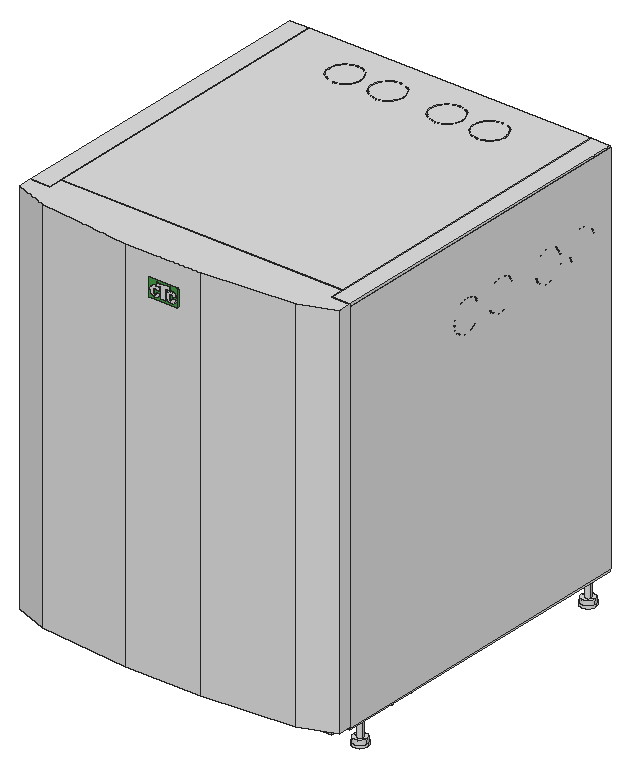
Revit family "HVAC_HeatPumpBW_Enertech_CTC-EcoPart-600M", category Specialty Equipment, Revit 2020 (continued)
Automatic sketch dimensions
  curve 42 to curve 43 = 0 mm  (x2)
  curve 42 to curve 44 = 0 mm  (x2)
  curve 42 to curve 45 = 0 mm  (x2)
  curve 42 to curve 46 = 0 mm  (x2)
  curve 42 to curve 47 = 0 mm  (x2)
  curve 43 to curve 44 = 0 mm  (x2)
  curve 43 to curve 45 = 0 mm  (x2)
  curve 43 to curve 46 = 0 mm  (x2)
  curve 43 to curve 47 = 0 mm  (x2)
  curve 44 to curve 45 = 0 mm  (x2)
  curve 44 to curve 46 = 0 mm  (x2)
  curve 44 to curve 47 = 0 mm  (x2)
  curve 45 to curve 46 = 0 mm  (x2)
  curve 45 to curve 47 = 0 mm  (x2)
  curve 46 to curve 47 = 0 mm  (x2)
  curve 56 to curve 57 = 0 mm  (x2)
  curve 56 to curve 58 = 0 mm  (x2)
  curve 56 to curve 59 = 0 mm  (x2)
  curve 56 to curve 60 = 0 mm  (x2)
  curve 56 to curve 61 = 0 mm  (x2)
  curve 56 to curve 62 = 0 mm  (x2)
  curve 56 to curve 63 = 0 mm  (x2)
  curve 57 to curve 58 = 0 mm  (x2)
  curve 57 to curve 59 = 0 mm  (x2)
  curve 57 to curve 60 = 0 mm  (x2)
  curve 57 to curve 61 = 0 mm  (x2)
  curve 57 to curve 62 = 0 mm  (x2)
  curve 57 to curve 63 = 0 mm  (x2)
  curve 58 to curve 59 = 0 mm  (x2)
  curve 58 to curve 60 = 0 mm  (x2)
  curve 58 to curve 61 = 0 mm  (x2)
  curve 58 to curve 62 = 0 mm  (x2)
  curve 58 to curve 63 = 0 mm  (x2)
  curve 59 to curve 60 = 0 mm  (x2)
  curve 59 to curve 61 = 0 mm  (x2)
  curve 59 to curve 62 = 0 mm  (x2)
  curve 59 to curve 63 = 0 mm  (x2)
  curve 60 to curve 61 = 0 mm  (x2)
  curve 60 to curve 62 = 0 mm  (x2)
  curve 60 to curve 63 = 0 mm  (x2)
  curve 61 to curve 62 = 0 mm  (x2)
  curve 61 to curve 63 = 0 mm  (x2)
  curve 62 to curve 63 = 0 mm  (x2)
  curve 72 to curve 73 = 0 mm  (x2)
  curve 72 to curve 74 = 0 mm  (x2)
  curve 72 to curve 75 = 0 mm  (x2)
  curve 72 to curve 76 = 0 mm  (x2)
  curve 72 to curve 77 = 0 mm  (x2)
  curve 72 to curve 78 = 0 mm  (x2)
  curve 72 to curve 79 = 0 mm  (x2)
  curve 73 to curve 74 = 0 mm  (x2)
  curve 73 to curve 75 = 0 mm  (x2)
  curve 73 to curve 76 = 0 mm  (x2)
  curve 73 to curve 77 = 0 mm  (x2)
  curve 73 to curve 78 = 0 mm  (x2)
  curve 73 to curve 79 = 0 mm  (x2)
  curve 74 to curve 75 = 0 mm  (x2)
  curve 74 to curve 76 = 0 mm  (x2)
  curve 74 to curve 77 = 0 mm  (x2)
  curve 74 to curve 78 = 0 mm  (x2)
  curve 74 to curve 79 = 0 mm  (x2)
  curve 75 to curve 76 = 0 mm  (x2)
  curve 75 to curve 77 = 0 mm  (x2)
  curve 75 to curve 78 = 0 mm  (x2)
  curve 75 to curve 79 = 0 mm  (x2)
  curve 76 to curve 77 = 0 mm  (x2)
  curve 76 to curve 78 = 0 mm  (x2)
  curve 76 to curve 79 = 0 mm  (x2)
  curve 77 to curve 78 = 0 mm  (x2)
  curve 77 to curve 79 = 0 mm  (x2)
  curve 78 to curve 79 = 0 mm  (x2)
  curve 314 to plane 7 = 0 mm
  curve 2 to plane 5 = 0 mm
  curve 6 to plane 5 = 0 mm
  curve 15 to plane 8 = 0 mm
  plane 7 to curve 2 = 3.5 mm
  curve 1 to curve 2 = 28 mm
  curve 17 to curve 17 = 35 mm
  plane 6 to curve 12 = 14.527 mm
  curve 17 to curve 12 = 26.736 mm
  curve 18 to curve 34 = 99.541 mm
  curve 35 to curve 30 = 0 mm
  curve 24 to curve 35 = 2.001 mm
  curve 34 to curve 25 = 0 mm
  curve 31 to curve 33 = 27.466 mm
  curve 35 to curve 36 = 27.466 mm
  curve 25 to curve 30 = 1 mm
  curve 33 to curve 32 = 2 mm
  curve 24 to curve 37 = 2 mm
  curve 24 to curve 38 = 28.466 mm
  curve 39 to curve 38 = 0 mm
  curve 29 to curve 39 = 2.001 mm
  curve 38 to curve 39 = 0 mm
  curve 39 to curve 50 = 19.066 mm
  curve 51 to curve 50 = 0 mm  (x2)
  curve 46 to curve 50 = 2.001 mm
  plane 6 to curve 12 = 0.5 mm
  curve 12 to plane 3 "Center (Left/Right)" = 57.083 mm
  curve 51 to curve 52 = 27.466 mm
  curve 47 to curve 49 = 27.466 mm
  curve 47 to curve 45 = 28.466 mm
  curve 46 to curve 48 = 2 mm
  curve 41 to curve 53 = 2 mm
  curve 54 to plane 3 "Center (Left/Right)" = 26.526 mm
  curve 55 to curve 54 = 0 mm
  curve 55 to curve 55 = 2.001 mm
  curve 54 to curve 44 = 0 mm
  plane 3 "Center (Left/Right)" to curve 86 = 24.525 mm
  curve 87 to curve 75 = 0 mm
  curve 75 to curve 86 = 2.001 mm
  curve 87 to curve 74 = 0 mm
  curve 86 to curve 85 = 27.466 mm
  curve 77 to curve 80 = 27.466 mm
  curve 77 to curve 73 = 28.466 mm
  curve 77 to curve 81 = 2 mm
  curve 74 to curve 84 = 2 mm
  plane 3 "Center (Left/Right)" to curve 13 = 57.083 mm
  curve 72 to curve 83 = 28.466 mm
  curve 82 to curve 73 = 0 mm
  curve 79 to curve 82 = 2.001 mm
  curve 83 to curve 78 = 0 mm
  curve 78 to curve 71 = 19.066 mm
  curve 70 to curve 71 = 0 mm
  curve 59 to curve 70 = 2.001 mm
  curve 71 to curve 70 = 0 mm
  curve 61 to curve 64 = 27.466 mm
  curve 58 to curve 69 = 27.466 mm
  curve 61 to curve 59 = 28.466 mm
  curve 58 to curve 68 = 2 mm
  curve 61 to curve 65 = 2 mm
  curve 56 to curve 66 = 28.466 mm
  curve 67 to curve 63 = 0 mm
  curve 57 to curve 67 = 2.001 mm
  curve 66 to curve 56 = 0 mm
  plane 6 to curve 14 = 14.527 mm
  curve 14 to plane 8 = 61.736 mm
  curve 21 to plane 8 = 35 mm
  curve 21 to curve 6 = 3.5 mm
  curve 7 to curve 7 = 3.5 mm
  plane 6 to curve 314 = 0.5 mm
  curve 312 to curve 14 = 38.564 mm
  curve 313 to curve 10 = 38.564 mm
  curve 10 to curve 18 = 24.922 mm
  curve 14 to curve 22 = 24.922 mm
  curve 80 to plane 5 = 109.917 mm
  curve 48 to curve 80 = 0 mm
  curve 76 to curve 81 = 0 mm
  curve 32 to curve 48 = 0 mm
  curve 33 to curve 28 = 0 mm
  curve 78 to curve 65 = 0 mm
  curve 64 to curve 65 = 0 mm
  curve 49 to curve 48 = 0 mm
  curve 46 to curve 49 = 2.001 mm
  curve 60 to curve 64 = 2.001 mm
  curve 78 to curve 81 = 2.001 mm
  curve 30 to curve 33 = 2.001 mm
  curve 87 to curve 86 = 2 mm
  curve 45 to curve 54 = 2 mm
  curve 71 to curve 70 = 2 mm
  curve 50 to curve 51 = 2 mm
  curve 79 to curve 83 = 2 mm
  curve 63 to curve 67 = 2 mm
  curve 39 to curve 38 = 2 mm
  curve 30 to curve 35 = 2 mm
  curve 10 to plane 5 = 4 mm
  curve 21 to curve 23 = 26 mm
  curve 208 to curve 212 = 0 mm  (x2)
  curve 214 to curve 215 = 0 mm  (x2)
  curve 217 to curve 218 = 0 mm  (x2)
  curve 221 to curve 222 = 0 mm  (x2)
  curve 227 to curve 231 = 0 mm  (x2)
  curve 233 to curve 234 = 0 mm  (x2)
  curve 236 to curve 237 = 0 mm  (x2)
  curve 240 to curve 241 = 0 mm  (x2)
  curve 248 to curve 249 = 0 mm  (x2)
  curve 248 to curve 250 = 0 mm  (x2)
  curve 248 to curve 251 = 0 mm  (x2)
  curve 248 to curve 252 = 0 mm  (x2)
  curve 248 to curve 253 = 0 mm  (x2)
  curve 248 to curve 254 = 0 mm  (x2)
  curve 248 to curve 255 = 0 mm  (x2)
  curve 249 to curve 250 = 0 mm  (x2)
  curve 249 to curve 251 = 0 mm  (x2)
  curve 249 to curve 252 = 0 mm  (x2)
  curve 249 to curve 253 = 0 mm  (x2)
  curve 249 to curve 254 = 0 mm  (x2)
  curve 249 to curve 255 = 0 mm  (x2)
  curve 250 to curve 251 = 0 mm  (x2)
  curve 250 to curve 252 = 0 mm  (x2)
  curve 250 to curve 253 = 0 mm  (x2)
  curve 250 to curve 254 = 0 mm  (x2)
  curve 250 to curve 255 = 0 mm  (x2)
  curve 251 to curve 252 = 0 mm  (x2)
  curve 251 to curve 253 = 0 mm  (x2)
  curve 251 to curve 254 = 0 mm  (x2)
  curve 251 to curve 255 = 0 mm  (x2)
  curve 252 to curve 253 = 0 mm  (x2)
  curve 252 to curve 254 = 0 mm  (x2)
  curve 252 to curve 255 = 0 mm  (x2)
  curve 253 to curve 254 = 0 mm  (x2)
  curve 253 to curve 255 = 0 mm  (x2)
  curve 254 to curve 255 = 0 mm  (x2)
  curve 264 to curve 265 = 0 mm  (x2)
  curve 264 to curve 266 = 0 mm  (x2)
  curve 264 to curve 267 = 0 mm  (x2)
  curve 264 to curve 268 = 0 mm  (x2)
  curve 264 to curve 269 = 0 mm  (x2)
  curve 264 to curve 270 = 0 mm  (x2)
  curve 264 to curve 271 = 0 mm  (x2)
  curve 265 to curve 266 = 0 mm  (x2)
  curve 265 to curve 267 = 0 mm  (x2)
  curve 265 to curve 268 = 0 mm  (x2)
  curve 265 to curve 269 = 0 mm  (x2)
  curve 265 to curve 270 = 0 mm  (x2)
  curve 265 to curve 271 = 0 mm  (x2)
  curve 266 to curve 267 = 0 mm  (x2)
  curve 266 to curve 268 = 0 mm  (x2)
  curve 266 to curve 269 = 0 mm  (x2)
  curve 266 to curve 270 = 0 mm  (x2)
  curve 266 to curve 271 = 0 mm  (x2)
  curve 267 to curve 268 = 0 mm  (x2)
  curve 267 to curve 269 = 0 mm  (x2)
  curve 267 to curve 270 = 0 mm  (x2)
  curve 267 to curve 271 = 0 mm  (x2)
  curve 268 to curve 269 = 0 mm  (x2)
  curve 268 to curve 270 = 0 mm  (x2)
  curve 268 to curve 271 = 0 mm  (x2)
  curve 269 to curve 270 = 0 mm  (x2)
  curve 269 to curve 271 = 0 mm  (x2)
  curve 270 to curve 271 = 0 mm  (x2)
  curve 280 to curve 281 = 0 mm  (x2)
  curve 280 to curve 282 = 0 mm  (x2)
  curve 280 to curve 283 = 0 mm  (x2)
  curve 280 to curve 284 = 0 mm  (x2)
  curve 280 to curve 285 = 0 mm  (x2)
  curve 280 to curve 286 = 0 mm  (x2)
  curve 280 to curve 287 = 0 mm  (x2)
  curve 281 to curve 282 = 0 mm  (x2)
  curve 281 to curve 283 = 0 mm  (x2)
  curve 281 to curve 284 = 0 mm  (x2)
  curve 281 to curve 285 = 0 mm  (x2)
  curve 281 to curve 286 = 0 mm  (x2)
  curve 281 to curve 287 = 0 mm  (x2)
  curve 282 to curve 283 = 0 mm  (x2)
  curve 282 to curve 284 = 0 mm  (x2)
  curve 282 to curve 285 = 0 mm  (x2)
  curve 282 to curve 286 = 0 mm  (x2)
  curve 282 to curve 287 = 0 mm  (x2)
  curve 283 to curve 284 = 0 mm  (x2)
  curve 283 to curve 285 = 0 mm  (x2)
  curve 283 to curve 286 = 0 mm  (x2)
  curve 283 to curve 287 = 0 mm  (x2)
  curve 284 to curve 285 = 0 mm  (x2)
  curve 284 to curve 286 = 0 mm  (x2)
  curve 284 to curve 287 = 0 mm  (x2)
  curve 285 to curve 286 = 0 mm  (x2)
  curve 285 to curve 287 = 0 mm  (x2)
  curve 286 to curve 287 = 0 mm  (x2)
  curve 296 to curve 297 = 0 mm  (x2)
  curve 296 to curve 298 = 0 mm  (x2)
  curve 296 to curve 299 = 0 mm  (x2)
  curve 296 to curve 300 = 0 mm  (x2)
  curve 296 to curve 301 = 0 mm  (x2)
  curve 296 to curve 302 = 0 mm  (x2)
  curve 296 to curve 303 = 0 mm  (x2)
  curve 297 to curve 298 = 0 mm  (x2)
  curve 297 to curve 299 = 0 mm  (x2)
  curve 297 to curve 300 = 0 mm  (x2)
  curve 297 to curve 301 = 0 mm  (x2)
  curve 297 to curve 302 = 0 mm  (x2)
  curve 297 to curve 303 = 0 mm  (x2)
  curve 298 to curve 299 = 0 mm  (x2)
  curve 298 to curve 300 = 0 mm  (x2)
  curve 298 to curve 301 = 0 mm  (x2)
  curve 298 to curve 302 = 0 mm  (x2)
  curve 298 to curve 303 = 0 mm  (x2)
  curve 299 to curve 300 = 0 mm  (x2)
  curve 299 to curve 301 = 0 mm  (x2)
  curve 299 to curve 302 = 0 mm  (x2)
  curve 299 to curve 303 = 0 mm  (x2)
  curve 300 to curve 301 = 0 mm  (x2)
  curve 300 to curve 302 = 0 mm  (x2)
  curve 300 to curve 303 = 0 mm  (x2)
  curve 301 to curve 302 = 0 mm  (x2)
  curve 301 to curve 303 = 0 mm  (x2)
  curve 302 to curve 303 = 0 mm  (x2)
  curve 316 to plane 4 = 0 mm
  curve 316 to level = 0 mm
  curve 181 to level = 0 mm
  curve 168 to level = 0 mm
  curve 193 to plane 5 = 0 mm
  curve 195 to plane 5 = 4 mm
  level to curve 166 = 4 mm
  curve 166 to plane 5 = 21.73 mm
  curve 164 to curve 166 = 2 mm
  curve 164 to curve 164 = 7.375 mm
  curve 258 to plane 5 = 40.049 mm
  curve 259 to curve 254 = 0 mm
  curve 175 to curve 162 = 10 mm
  curve 258 to curve 254 = 2.001 mm
  curve 259 to curve 255 = 0 mm
  curve 170 to curve 172 = 7.375 mm
  curve 169 to curve 170 = 2 mm
  curve 262 to curve 249 = 27.466 mm
  curve 256 to curve 258 = 27.466 mm
  curve 249 to curve 256 = 1 mm
  curve 263 to curve 248 = 2 mm
  curve 257 to curve 254 = 2 mm
  curve 260 to curve 248 = 28.466 mm
  curve 261 to curve 250 = 0 mm
  curve 260 to curve 250 = 2.001 mm
  curve 261 to curve 251 = 0 mm
  curve 275 to curve 260 = 19.066 mm
  curve 274 to curve 264 = 0 mm
  curve 275 to curve 264 = 2.001 mm
  curve 274 to curve 265 = 0 mm
  level to curve 242 = 24.995 mm
  curve 242 to curve 169 = 81.281 mm
  level to curve 243 = 26.409 mm
  curve 243 to curve 242 = 1.414 mm
  level to curve 242 = 16.828 mm
  level to curve 243 = 18.242 mm
  curve 241 to curve 240 = 1.414 mm
  level to curve 239 = 18.242 mm
  level to curve 238 = 16.828 mm
  curve 278 to curve 265 = 27.466 mm
  curve 272 to curve 271 = 27.466 mm
  curve 268 to curve 272 = 1 mm
  curve 273 to curve 270 = 2 mm
  curve 279 to curve 265 = 2 mm
  level to curve 239 = 26.828 mm
  curve 239 to curve 240 = 8.587 mm
  level to curve 238 = 25.414 mm
  curve 238 to curve 239 = 1.414 mm
  curve 235 to curve 238 = 1.414 mm
  curve 234 to curve 236 = 18.343 mm
  level to curve 226 = 25.414 mm
  curve 226 to curve 234 = 1.414 mm
  level to curve 232 = 26.828 mm
  curve 276 to curve 264 = 28.466 mm
  curve 277 to curve 276 = 0 mm
  curve 277 to curve 268 = 2.001 mm
  curve 276 to curve 277 = 0 mm
  level to curve 226 = 16.828 mm
  curve 226 to curve 234 = 8.587 mm
  level to curve 232 = 18.242 mm
  curve 232 to curve 226 = 1.414 mm
  curve 227 to curve 232 = 1.414 mm
  level to curve 230 = 18.242 mm
  level to curve 228 = 16.828 mm
  level to curve 230 = 26.409 mm
  curve 230 to curve 230 = 8.167 mm
  curve 290 to curve 269 = 49.049 mm
  curve 291 to curve 286 = 0 mm
  curve 290 to curve 286 = 2.001 mm
  curve 291 to curve 287 = 0 mm
  curve 288 to curve 287 = 27.466 mm
  curve 294 to curve 281 = 27.466 mm
  curve 286 to curve 288 = 1 mm
  curve 289 to curve 286 = 2 mm
  curve 295 to curve 294 = 2 mm
  curve 293 to curve 280 = 28.466 mm
  curve 292 to curve 284 = 0 mm
  curve 293 to curve 284 = 2.001 mm
  curve 292 to curve 285 = 0 mm
  curve 306 to curve 293 = 19.066 mm
  curve 307 to curve 302 = 0 mm
  curve 306 to curve 302 = 2.001 mm
  curve 307 to curve 303 = 0 mm
  plane 1 "Center (Front/Back)" to curve 304 = 3 mm
  plane 1 "Center (Front/Back)" to curve 310 = 3 mm
  plane 1 "Center (Front/Back)" to curve 297 = 4 mm
  curve 305 to curve 304 = 2 mm
  curve 311 to curve 310 = 2 mm
  curve 309 to curve 296 = 28.466 mm
  curve 308 to curve 309 = 0 mm
  curve 309 to curve 309 = 2.001 mm
  curve 308 to curve 301 = 0 mm
  plane 1 "Center (Front/Back)" to curve 225 = 75.261 mm
  level to curve 224 = 26.409 mm
  curve 224 to curve 223 = 1.414 mm
  level to curve 223 = 16.828 mm
  curve 223 to curve 223 = 8.167 mm
  level to curve 224 = 18.242 mm
  curve 221 to curve 221 = 1.414 mm
  level to curve 220 = 18.242 mm
  level to curve 219 = 16.828 mm
  level to curve 220 = 26.828 mm
  curve 220 to curve 220 = 8.587 mm
  level to curve 219 = 25.414 mm
  curve 219 to curve 217 = 1.414 mm
  curve 216 to curve 219 = 1.414 mm
  curve 214 to curve 217 = 18.343 mm
  level to curve 207 = 25.414 mm
  curve 207 to curve 215 = 1.414 mm
  level to curve 213 = 26.828 mm
  level to curve 207 = 16.828 mm
  curve 207 to curve 215 = 8.587 mm
  level to curve 213 = 18.242 mm
  curve 213 to curve 208 = 1.414 mm
  curve 212 to curve 213 = 1.414 mm
  level to curve 211 = 18.242 mm
  level to curve 209 = 16.828 mm
  level to curve 211 = 26.409 mm
  curve 211 to curve 211 = 8.167 mm
  curve 179 to curve 209 = 72.511 mm
  curve 177 to curve 178 = 2 mm
  curve 176 to curve 176 = 7.375 mm
  curve 184 to curve 174 = 10 mm
  curve 184 to curve 184 = 7.375 mm
  curve 180 to curve 182 = 2 mm
  curve 188 to curve 204 = 39.375 mm
  plane 6 to curve 190 = 0.5 mm
  curve 180 to curve 182 = 4 mm
  curve 177 to curve 176 = 8 mm
  curve 165 to curve 162 = 8 mm
  curve 240 to curve 241 = 1.414 mm
  curve 232 to curve 227 = 1.414 mm
  curve 213 to curve 212 = 1.414 mm
  curve 220 to curve 221 = 1.414 mm
  curve 218 to curve 218 = 1.414 mm
  level to curve 186 = 28 mm
  curve 164 to curve 195 = 16 mm
  level to curve 189 = 52.5 mm
  curve 273 to plane 4 = 167.467 mm
  curve 305 to plane 4 = 167.467 mm
  curve 305 to curve 304 = 0 mm
  curve 273 to curve 256 = 0 mm
  curve 273 to curve 272 = 0 mm
  curve 257 to curve 254 = 0 mm
  curve 302 to curve 289 = 0 mm
  curve 289 to curve 288 = 0 mm
  curve 273 to curve 273 = 2.001 mm
  curve 288 to curve 288 = 2.001 mm
  curve 257 to curve 257 = 2.001 mm
  curve 304 to curve 304 = 2.001 mm
  curve 255 to curve 259 = 2 mm
  curve 302 to curve 307 = 2 mm
  curve 301 to curve 308 = 2 mm
  curve 277 to curve 276 = 2 mm
  curve 270 to curve 275 = 2 mm
  curve 253 to curve 260 = 2 mm
  curve 284 to curve 292 = 2 mm
  curve 287 to curve 291 = 2 mm
  curve 194 to curve 190 = 47 mm
  curve 193 to plane 4 = 19 mm
  curve 315 to plane 5 = 4 mm
  curve 246 to curve 187 = 24.922 mm
  curve 188 to curve 247 = 13.835 mm
  curve 162 to curve 199 = 19.518 mm
  curve 128 to plane 7 = 0 mm
  curve 95 to level = 0 mm
  curve 127 to plane 4 = 0 mm
  curve 115 to level = 0 mm
  curve 123 to plane 8 = 0 mm
  plane 7 to curve 95 = 6.125 mm
  plane 7 to curve 92 = 8.125 mm
  curve 89 to curve 91 = 15.5 mm
  curve 90 to curve 101 = 10 mm
  level to curve 99 = 4 mm
  curve 100 to curve 99 = 7.375 mm
  curve 98 to curve 98 = 2 mm
  curve 99 to curve 104 = 4.125 mm
  curve 103 to curve 104 = 7.5 mm
  curve 135 to plane 3 "Center (Left/Right)" = 27.5 mm
  curve 135 to curve 136 = 2 mm
  curve 134 to curve 134 = 2 mm
  curve 139 to plane 3 "Center (Left/Right)" = 11.835 mm
  curve 139 to curve 142 = 0.137 mm
  curve 138 to curve 140 = 0.268 mm
  curve 139 to plane 3 "Center (Left/Right)" = 5.46 mm
  curve 137 to curve 140 = 0.087 mm
  curve 147 to plane 3 "Center (Left/Right)" = 3.818 mm
  curve 148 to plane 3 "Center (Left/Right)" = 3.81 mm
  plane 3 "Center (Left/Right)" to curve 146 = 3.815 mm
  curve 145 to curve 144 = 7.883 mm
  curve 144 to curve 151 = 6.467 mm
  curve 150 to curve 152 = 0.268 mm
  curve 150 to curve 151 = 6.375 mm
  curve 149 to curve 152 = 0.087 mm
  curve 152 to curve 132 = 0.873 mm
  curve 143 to curve 129 = 13.802 mm
  curve 130 to curve 131 = 2 mm
  level to curve 106 = 15.656 mm
  curve 106 to plane 8 = 44.5 mm
  curve 107 to curve 109 = 7.5 mm
  curve 106 to curve 115 = 9.625 mm
  curve 114 to curve 158 = 2 mm
  curve 109 to curve 110 = 11.5 mm
  curve 110 to curve 156 = 10 mm
  level to curve 118 = 4 mm
  curve 118 to plane 8 = 8.125 mm
  curve 118 to curve 117 = 2 mm
  curve 93 to curve 154 = 8 mm
  curve 118 to curve 121 = 8 mm
  curve 105 to curve 159 = 12.344 mm
  curve 103 to curve 102 = 19.518 mm
  curve 108 to curve 121 = 19.518 mm
  curve 133 to plane 4 = 73.482 mm
  curve 134 to curve 147 = 1.88 mm
  curve 147 to curve 140 = 7.647 mm
  curve 132 to curve 152 = 9.527 mm
  curve 137 to curve 139 = 4.452 mm
  curve 149 to curve 151 = 4.452 mm
  curve 139 to curve 141 = 7.839 mm
  curve 141 to curve 147 = 0.008 mm
  curve 141 to curve 145 = 0.006 mm
  curve 145 to curve 144 = 0.006 mm
  curve 141 to curve 143 = 5.341 mm
  curve 142 to curve 136 = 1.841 mm
  curve 102 to curve 127 = 27.22 mm
  curve 126 to plane 3 "Center (Left/Right)" = 70 mm
  curve 138 to curve 140 = 3.241 mm
  curve 138 to curve 137 = 0.004 mm
  curve 150 to curve 152 = 3.241 mm
  curve 150 to curve 149 = 0.004 mm
  curve 130 to curve 125 = 42.5 mm
  curve 124 to plane 8 = 64.22 mm
  curve 161 to curve 107 = 3.005 mm
  curve 161 to curve 160 = 1.414 mm
  curve 102 to curve 127 = 5 mm
  curve 149 to curve 152 = 7.6 mm
  curve 137 to curve 140 = 7.6 mm
  curve 137 to curve 138 = 3.801 mm
  curve 149 to curve 150 = 3.801 mm
  plane 7 to Extrusion 1 sketch curve = 2 mm
  Extrusion 1 sketch curve to Extrusion 1 sketch curve = 35 mm
  plane 6 to Extrusion 1 sketch curve = 14.335 mm  (x2)
  Extrusion 1 sketch curve to Extrusion 1 sketch curve = 27.22 mm
  plane 6 to Extrusion 1 sketch curve = 1.5 mm
  Extrusion 1 sketch curve to plane 3 "Center (Left/Right)" = 70 mm
  plane 3 "Center (Left/Right)" to Extrusion 1 sketch curve = 70 mm
  Extrusion 1 sketch curve to plane 8 = 64.22 mm
  Extrusion 1 sketch curve to plane 8 = 37 mm
  Extrusion 1 sketch curve to plane 8 = 2 mm
  plane 6 to Extrusion 1 sketch curve = 39.064 mm  (x2)
  Extrusion 1 sketch curve to Extrusion 1 sketch curve = 24.922 mm  (x2)
  Extrusion 1 sketch curve to Extrusion 1 sketch curve = 26 mm
  plane 7 to Extrusion 2 sketch curve = 37 mm
  Extrusion 2 sketch curve to Extrusion 2 sketch curve = 2 mm  (x4)
  Extrusion 2 sketch curve to plane 5 = 6 mm
  Extrusion 2 sketch curve to plane 8 = 39 mm
  plane 6 to Extrusion 2 sketch curve = 91.986 mm
  plane 7 to Extrusion 3 sketch curve = 37 mm
  Extrusion 3 sketch curve to plane 8 = 37 mm
  plane 6 to Extrusion 3 sketch curve = 89.986 mm
  Extrusion 3 sketch curve to plane 5 = 4 mm
  Extrusion 4 sketch curve to plane 7 = 0 mm
  Extrusion 4 sketch curve to plane 8 = 0 mm
  plane 7 to Extrusion 4 sketch curve = 2 mm
  Extrusion 4 sketch curve to Extrusion 4 sketch curve = 31 mm
  Extrusion 4 sketch curve to Extrusion 4 sketch curve = 2 mm  (x6)
  Extrusion 4 sketch curve to Extrusion 4 sketch curve = 35 mm
  Extrusion 4 sketch curve to plane 8 = 2 mm
  plane 6 to Extrusion 4 sketch curve = 63.986 mm  (x2)
  Extrusion 4 sketch curve to plane 5 = 6 mm  (x2)
  plane 7 to Extrusion 5 sketch curve = 2 mm
  Extrusion 5 sketch curve to plane 5 = 4 mm  (x2)
  Extrusion 5 sketch curve to Extrusion 5 sketch curve = 35 mm
  Extrusion 5 sketch curve to plane 8 = 37 mm
  Extrusion 5 sketch curve to plane 8 = 2 mm
  plane 6 to Extrusion 5 sketch curve = 63.986 mm  (x2)
  plane 7 to Extrusion 6 sketch curve = 2 mm
  plane 7 to Extrusion 6 sketch curve = 37 mm
  Extrusion 6 sketch curve to plane 8 = 37 mm
  Extrusion 6 sketch curve to plane 8 = 2 mm
  level to Extrusion 6 sketch curve = 28 mm
  Extrusion 6 sketch curve to Extrusion 6 sketch curve = 19.518 mm  (x2)
  Extrusion 6 sketch curve to Extrusion 6 sketch curve = 5 mm
  Extrusion 7 sketch curve to Extrusion 7 sketch curve = 0 mm  (x246)
  plane 7 to Extrusion 7 sketch curve = 134.541 mm
  Extrusion 7 sketch curve to Extrusion 7 sketch curve = 2.001 mm  (x12)
  Extrusion 7 sketch curve to Extrusion 7 sketch curve = 27.466 mm  (x8)
  Extrusion 7 sketch curve to Extrusion 7 sketch curve = 28.466 mm  (x5)
  Extrusion 7 sketch curve to Extrusion 7 sketch curve = 2 mm  (x16)
  Extrusion 7 sketch curve to Extrusion 7 sketch curve = 19.066 mm  (x2)
  Extrusion 7 sketch curve to plane 3 "Center (Left/Right)" = 26.526 mm
  plane 3 "Center (Left/Right)" to Extrusion 7 sketch curve = 24.525 mm
  Extrusion 7 sketch curve to Extrusion 7 sketch curve = 1 mm  (x2)
  Extrusion 7 sketch curve to plane 5 = 109.917 mm  (x2)
  Extrusion 8 sketch curve to Extrusion 8 sketch curve = 0 mm  (x246)
  plane 1 "Center (Front/Back)" to Extrusion 8 sketch curve = 34.467 mm
  Extrusion 8 sketch curve to Extrusion 8 sketch curve = 2.001 mm  (x12)
  plane 1 "Center (Front/Back)" to Extrusion 8 sketch curve = 5 mm  (x2)
  plane 1 "Center (Front/Back)" to Extrusion 8 sketch curve = 4 mm
  Extrusion 8 sketch curve to Extrusion 8 sketch curve = 2 mm  (x16)
  Extrusion 8 sketch curve to plane 1 "Center (Front/Back)" = 24.466 mm
  Extrusion 8 sketch curve to Extrusion 8 sketch curve = 19.066 mm  (x2)
  Extrusion 8 sketch curve to Extrusion 8 sketch curve = 27.466 mm  (x6)
  Extrusion 8 sketch curve to Extrusion 8 sketch curve = 1 mm
  Extrusion 8 sketch curve to Extrusion 8 sketch curve = 28.466 mm  (x5)
  Extrusion 8 sketch curve to Extrusion 8 sketch curve = 49.049 mm
  Extrusion 8 sketch curve to plane 4 = 167.467 mm  (x2)
  Extrusion 9 sketch curve to Extrusion 9 sketch curve = 0 mm  (x246)
  plane 7 to Extrusion 9 sketch curve = 134.533 mm
  Extrusion 9 sketch curve to Extrusion 9 sketch curve = 2.001 mm  (x12)
  Extrusion 9 sketch curve to Extrusion 9 sketch curve = 27.466 mm  (x8)
  Extrusion 9 sketch curve to Extrusion 9 sketch curve = 1 mm  (x2)
  Extrusion 9 sketch curve to Extrusion 9 sketch curve = 2 mm  (x16)
  Extrusion 9 sketch curve to Extrusion 9 sketch curve = 28.466 mm  (x5)
  Extrusion 9 sketch curve to Extrusion 9 sketch curve = 19.066 mm  (x2)
  Extrusion 9 sketch curve to plane 3 "Center (Left/Right)" = 26.534 mm
  plane 3 "Center (Left/Right)" to Extrusion 9 sketch curve = 24.516 mm
  Extrusion 9 sketch curve to plane 4 = 167.767 mm  (x2)
  Extrusion 10 sketch curve to Extrusion 10 sketch curve = 0 mm  (x4)
  plane 7 to Extrusion 10 sketch curve = 17.5 mm
  Extrusion 10 sketch curve to plane 8 = 17.5 mm
  Extrusion 10 sketch curve to plane 4 = 33 mm  (x2)
  Extrusion 11 sketch curve to Extrusion 11 sketch curve = 0 mm  (x16)
  level to Extrusion 11 sketch curve = 24.995 mm  (x2)
  plane 1 "Center (Front/Back)" to Extrusion 11 sketch curve = 141.253 mm
  level to Extrusion 11 sketch curve = 26.409 mm  (x4)
  Extrusion 11 sketch curve to Extrusion 11 sketch curve = 1.414 mm  (x20)
  level to Extrusion 11 sketch curve = 16.828 mm  (x8)
  level to Extrusion 11 sketch curve = 18.242 mm  (x8)
  level to Extrusion 11 sketch curve = 26.828 mm  (x4)
  Extrusion 11 sketch curve to Extrusion 11 sketch curve = 8.587 mm  (x4)
  level to Extrusion 11 sketch curve = 25.414 mm  (x4)
  Extrusion 11 sketch curve to Extrusion 11 sketch curve = 18.343 mm  (x2)
  Extrusion 11 sketch curve to Extrusion 11 sketch curve = 8.167 mm  (x2)
  Extrusion 11 sketch curve to plane 1 "Center (Front/Back)" = 138.747 mm
  Revolve 12 sketch curve to level = 0 mm  (x2)
  plane 7 to Revolve 12 sketch curve = 18.5 mm
  Revolve 12 sketch curve to Revolve 12 sketch curve = 12.375 mm
  Revolve 12 sketch curve to Revolve 12 sketch curve = 2 mm
  Revolve 12 sketch curve to Revolve 12 sketch curve = 4 mm
  Revolve 12 sketch curve to Revolve 12 sketch curve = 8 mm
  Revolve 12 sketch curve to Revolve 12 sketch curve = 0 mm  (x2)
  Revolve 13 sketch curve to level = 0 mm  (x2)
  plane 8 to Revolve 13 sketch curve = 18.5 mm
  Revolve 13 sketch curve to Revolve 13 sketch curve = 12.375 mm
  Revolve 13 sketch curve to Revolve 13 sketch curve = 2 mm
  Revolve 13 sketch curve to Revolve 13 sketch curve = 4 mm
  Revolve 13 sketch curve to Revolve 13 sketch curve = 8 mm
  Revolve 13 sketch curve to Revolve 13 sketch curve = 0 mm  (x2)
  Revolve 14 sketch curve to level = 0 mm  (x2)
  plane 7 to Revolve 14 sketch curve = 18.5 mm
  Revolve 14 sketch curve to Revolve 14 sketch curve = 12.375 mm
  Revolve 14 sketch curve to Revolve 14 sketch curve = 2 mm
  Revolve 14 sketch curve to Revolve 14 sketch curve = 4 mm
  Revolve 14 sketch curve to Revolve 14 sketch curve = 8 mm
  Revolve 14 sketch curve to Revolve 14 sketch curve = 0 mm  (x2)
  Revolve 15 sketch curve to level = 0 mm  (x2)
  plane 8 to Revolve 15 sketch curve = 18.5 mm
  Revolve 15 sketch curve to Revolve 15 sketch curve = 12.375 mm
  Revolve 15 sketch curve to Revolve 15 sketch curve = 2 mm
  Revolve 15 sketch curve to Revolve 15 sketch curve = 4 mm
  Revolve 15 sketch curve to Revolve 15 sketch curve = 8 mm
  Revolve 15 sketch curve to Revolve 15 sketch curve = 0 mm  (x2)
  plane 7 to Extrusion 16 sketch curve = 18.5 mm  (x2)
  Extrusion 16 sketch curve to plane 8 = 18.5 mm  (x2)
  plane 6 to Extrusion 16 sketch curve = 108.361 mm  (x2)
  Extrusion 16 sketch curve to plane 5 = 32.605 mm  (x2)
  Extrusion 17 sketch curve to plane 3 "Center (Left/Right)" = 27.5 mm
  Extrusion 17 sketch curve to Extrusion 17 sketch curve = 2 mm  (x3)
  plane 3 "Center (Left/Right)" to Extrusion 17 sketch curve = 25.5 mm  (x2)
  Extrusion 17 sketch curve to plane 4 = 73.482 mm
  Extrusion 17 sketch curve to Extrusion 17 sketch curve = 29 mm
  Extrusion 18 sketch curve to plane 3 "Center (Left/Right)" = 11.835 mm
  Extrusion 18 sketch curve to Extrusion 18 sketch curve = 0.137 mm
  Extrusion 18 sketch curve to Extrusion 18 sketch curve = 0.268 mm  (x2)
  Extrusion 18 sketch curve to plane 3 "Center (Left/Right)" = 5.46 mm
  Extrusion 18 sketch curve to Extrusion 18 sketch curve = 0.087 mm  (x2)
  Extrusion 18 sketch curve to plane 3 "Center (Left/Right)" = 3.818 mm
  Extrusion 18 sketch curve to plane 3 "Center (Left/Right)" = 3.81 mm
  plane 3 "Center (Left/Right)" to Extrusion 18 sketch curve = 3.815 mm
  Extrusion 18 sketch curve to Extrusion 18 sketch curve = 7.883 mm
  Extrusion 18 sketch curve to Extrusion 18 sketch curve = 6.467 mm
  Extrusion 18 sketch curve to Extrusion 18 sketch curve = 6.375 mm
  Extrusion 18 sketch curve to plane 4 = 69.602 mm
  Extrusion 18 sketch curve to Extrusion 18 sketch curve = 7.647 mm  (x2)
  Extrusion 18 sketch curve to Extrusion 18 sketch curve = 4.452 mm  (x2)
  Extrusion 18 sketch curve to Extrusion 18 sketch curve = 7.839 mm
  Extrusion 18 sketch curve to Extrusion 18 sketch curve = 0.008 mm
  Extrusion 18 sketch curve to Extrusion 18 sketch curve = 0.006 mm  (x2)
  Extrusion 18 sketch curve to Extrusion 18 sketch curve = 5.32 mm
  Extrusion 18 sketch curve to Extrusion 18 sketch curve = 2.969 mm
  Extrusion 18 sketch curve to Extrusion 18 sketch curve = 0.004 mm  (x2)
  Extrusion 18 sketch curve to Extrusion 18 sketch curve = 3.241 mm
  Extrusion 18 sketch curve to Extrusion 18 sketch curve = 7.6 mm  (x2)
  Extrusion 18 sketch curve to Extrusion 18 sketch curve = 3.801 mm  (x2)
  Extrusion 19 sketch curve to plane 5 = 0 mm
  Extrusion 19 sketch curve to plane 7 = 0 mm
  Extrusion 19 sketch curve to plane 8 = 0 mm
  plane 6 to Extrusion 19 sketch curve = 0.5 mm
  Extrusion 20 sketch curve to plane 3 "Center (Left/Right)" = 134.992 mm
  Extrusion 20 sketch curve to plane 3 "Center (Left/Right)" = 54.992 mm
  plane 3 "Center (Left/Right)" to Extrusion 20 sketch curve = 54.992 mm
  Extrusion 20 sketch curve to Extrusion 20 sketch curve = 80 mm
  Extrusion 20 sketch curve to plane 5 = 79.45 mm  (x4)
  Extrusion 21 sketch curve to plane 3 "Center (Left/Right)" = 135 mm
  Extrusion 21 sketch curve to plane 3 "Center (Left/Right)" = 55 mm
  plane 3 "Center (Left/Right)" to Extrusion 21 sketch curve = 54.984 mm
  Extrusion 21 sketch curve to Extrusion 21 sketch curve = 80 mm
  Extrusion 21 sketch curve to plane 4 = 137.3 mm
  Extrusion 21 sketch curve to Extrusion 21 sketch curve = 0 mm  (x3)
  plane 1 "Center (Front/Back)" to Extrusion 22 sketch curve = 4 mm
  Extrusion 22 sketch curve to plane 1 "Center (Front/Back)" = 76 mm
  Extrusion 22 sketch curve to Extrusion 22 sketch curve = 109.984 mm
  Extrusion 22 sketch curve to plane 5 = 70.516 mm
  Extrusion 22 sketch curve to plane 4 = 137 mm
  Extrusion 22 sketch curve to Extrusion 22 sketch curve = 0 mm  (x3)
  plane 1 "Center (Front/Back)" to Extrusion 23 sketch curve = 4 mm
  Extrusion 23 sketch curve to plane 1 "Center (Front/Back)" = 76 mm
  Extrusion 23 sketch curve to Extrusion 23 sketch curve = 109.984 mm
  Extrusion 23 sketch curve to plane 5 = 70.516 mm
  Extrusion 23 sketch curve to plane 4 = 137 mm
  Extrusion 23 sketch curve to Extrusion 23 sketch curve = 0 mm  (x3)
  radius of Extrusion 10 sketch curve = 14 mm  (x2)
  radius of Extrusion 10 sketch curve = 12.4 mm  (x2)
  radius of Extrusion 16 sketch curve = 5 mm  (x4)
  radius of Extrusion 20 sketch curve = 28.484 mm  (x4)
  radius of Extrusion 21 sketch curve = 28.484 mm  (x4)
  radius of Extrusion 22 sketch curve = 28.484 mm  (x4)
  radius of Extrusion 23 sketch curve = 28.484 mm  (x4)
Connectors
  electrical at (-282.5, 336.5, 727), driven by "NumberOfPoles"
    settings: on Extrusion 10, index 1, voltage 0 V, apparent load 0 VA, apparent load phase1 0 VA, apparent load phase2 0 VA, apparent load phase3 0 VA, power factor 1, load classification "Other", number of poles 3, system type 31, power factor state 1, is connector primary yes, connector utility no, sub classification motor no, connector description ""
  piping at (-134.992, 257.05, 757), diameter 28
    settings: on Extrusion 20, index 2, connector inside diameter 609.6 mm, connector length 0 mm, flow factor 0, pipe flow 0.0 L/s, pressure drop 0.0 Pa, fitting loss kfactor 0, connector angle 0.00°, fixture units 0, engagement length 0 mm, angle of deflection 0.00°, flow configuration 0, flow direction 1, fitting loss method 0, system type 19, joint type 0, gender type 0, connector reference index -1, connector utility 0, adjustable connector no, is connector primary yes, connector description ""
  piping at (-54.992, 257.05, 757), diameter 28
    settings: on Extrusion 20, index 3, connector inside diameter 609.6 mm, connector length 0 mm, flow factor 0, pipe flow 0.0 L/s, pressure drop 0.0 Pa, fitting loss kfactor 0, connector angle 0.00°, fixture units 0, engagement length 0 mm, angle of deflection 0.00°, flow configuration 0, flow direction 2, fitting loss method 0, system type 19, joint type 0, gender type 0, connector reference index -1, connector utility 0, adjustable connector no, is connector primary no, connector description ""
  piping at (54.992, 257.05, 757), diameter 28
    settings: on Extrusion 20, index 4, connector inside diameter 609.6 mm, connector length 0 mm, flow factor 0, pipe flow 0.0 L/s, pressure drop 0.0 Pa, fitting loss kfactor 0, connector angle 0.00°, fixture units 0, engagement length 0 mm, angle of deflection 0.00°, flow configuration 0, flow direction 2, fitting loss method 0, system type 22, joint type 0, gender type 0, connector reference index -1, connector utility 0, adjustable connector no, is connector primary no, connector description ""
  piping at (134.992, 257.05, 757), diameter 28
    settings: on Extrusion 20, index 5, connector inside diameter 609.6 mm, connector length 0 mm, flow factor 0, pipe flow 0.0 L/s, pressure drop 0.0 Pa, fitting loss kfactor 0, connector angle 0.00°, fixture units 0, engagement length 0 mm, angle of deflection 0.00°, flow configuration 0, flow direction 1, fitting loss method 0, system type 22, joint type 0, gender type 0, connector reference index -1, connector utility 0, adjustable connector no, is connector primary no, connector description ""
  piping at (134.984, 330.5, 622.7), diameter 28
    settings: on Extrusion 21, index 6, connector inside diameter 609.6 mm, connector length 0 mm, flow factor 0, pipe flow 0.0 L/s, pressure drop 0.0 Pa, fitting loss kfactor 0, connector angle 0.00°, fixture units 0, engagement length 0 mm, angle of deflection 0.00°, flow configuration 0, flow direction 1, fitting loss method 0, system type 22, joint type 0, gender type 0, connector reference index -1, connector utility 0, adjustable connector no, is connector primary no, connector description ""
  piping at (54.984, 330.5, 622.7), diameter 28
    settings: on Extrusion 21, index 7, connector inside diameter 609.6 mm, connector length 0 mm, flow factor 0, pipe flow 0.0 L/s, pressure drop 0.0 Pa, fitting loss kfactor 0, connector angle 0.00°, fixture units 0, engagement length 0 mm, angle of deflection 0.00°, flow configuration 0, flow direction 2, fitting loss method 0, system type 22, joint type 0, gender type 0, connector reference index -1, connector utility 0, adjustable connector no, is connector primary no, connector description ""
  piping at (-55, 330.5, 622.7), diameter 28
    settings: on Extrusion 21, index 8, connector inside diameter 609.6 mm, connector length 0 mm, flow factor 0, pipe flow 0.0 L/s, pressure drop 0.0 Pa, fitting loss kfactor 0, connector angle 0.00°, fixture units 0, engagement length 0 mm, angle of deflection 0.00°, flow configuration 0, flow direction 2, fitting loss method 0, system type 19, joint type 0, gender type 0, connector reference index -1, connector utility 0, adjustable connector no, is connector primary no, connector description ""
  piping at (-135, 330.5, 622.7), diameter 28
    settings: on Extrusion 21, index 9, connector inside diameter 609.6 mm, connector length 0 mm, flow factor 0, pipe flow 0.0 L/s, pressure drop 0.0 Pa, fitting loss kfactor 0, connector angle 0.00°, fixture units 0, engagement length 0 mm, angle of deflection 0.00°, flow configuration 0, flow direction 1, fitting loss method 0, system type 19, joint type 0, gender type 0, connector reference index -1, connector utility 0, adjustable connector no, is connector primary no, connector description ""
  piping at (-298, 265.984, 623), diameter 28
    settings: on Extrusion 22, index 10, connector inside diameter 609.6 mm, connector length 0 mm, flow factor 0, pipe flow 0.0 L/s, pressure drop 0.0 Pa, fitting loss kfactor 0, connector angle 0.00°, fixture units 0, engagement length 0 mm, angle of deflection 0.00°, flow configuration 0, flow direction 1, fitting loss method 0, system type 19, joint type 0, gender type 0, connector reference index -1, connector utility 0, adjustable connector no, is connector primary no, connector description ""
  piping at (-298, 185.984, 623), diameter 28
    settings: on Extrusion 22, index 11, connector inside diameter 609.6 mm, connector length 0 mm, flow factor 0, pipe flow 0.0 L/s, pressure drop 0.0 Pa, fitting loss kfactor 0, connector angle 0.00°, fixture units 0, engagement length 0 mm, angle of deflection 0.00°, flow configuration 0, flow direction 2, fitting loss method 0, system type 19, joint type 0, gender type 0, connector reference index -1, connector utility 0, adjustable connector no, is connector primary no, connector description ""
  piping at (-298, 76, 623), diameter 28
    settings: on Extrusion 22, index 12, connector inside diameter 609.6 mm, connector length 0 mm, flow factor 0, pipe flow 0.0 L/s, pressure drop 0.0 Pa, fitting loss kfactor 0, connector angle 0.00°, fixture units 0, engagement length 0 mm, angle of deflection 0.00°, flow configuration 0, flow direction 2, fitting loss method 0, system type 22, joint type 0, gender type 0, connector reference index -1, connector utility 0, adjustable connector no, is connector primary no, connector description ""
  piping at (-298, -4, 623), diameter 28
    settings: on Extrusion 22, index 13, connector inside diameter 609.6 mm, connector length 0 mm, flow factor 0, pipe flow 0.0 L/s, pressure drop 0.0 Pa, fitting loss kfactor 0, connector angle 0.00°, fixture units 0, engagement length 0 mm, angle of deflection 0.00°, flow configuration 0, flow direction 1, fitting loss method 0, system type 22, joint type 0, gender type 0, connector reference index -1, connector utility 0, adjustable connector no, is connector primary no, connector description ""
  piping at (298, -4, 623), diameter 28
    settings: on Extrusion 23, index 14, connector inside diameter 609.6 mm, connector length 0 mm, flow factor 0, pipe flow 0.0 L/s, pressure drop 0.0 Pa, fitting loss kfactor 0, connector angle 0.00°, fixture units 0, engagement length 0 mm, angle of deflection 0.00°, flow configuration 0, flow direction 1, fitting loss method 0, system type 22, joint type 0, gender type 0, connector reference index -1, connector utility 0, adjustable connector no, is connector primary no, connector description ""
  piping at (298, 76, 623), diameter 28
    settings: on Extrusion 23, index 15, connector inside diameter 609.6 mm, connector length 0 mm, flow factor 0, pipe flow 0.0 L/s, pressure drop 0.0 Pa, fitting loss kfactor 0, connector angle 0.00°, fixture units 0, engagement length 0 mm, angle of deflection 0.00°, flow configuration 0, flow direction 2, fitting loss method 0, system type 22, joint type 0, gender type 0, connector reference index -1, connector utility 0, adjustable connector no, is connector primary no, connector description ""
  piping at (298, 185.984, 623), diameter 28
    settings: on Extrusion 23, index 16, connector inside diameter 609.6 mm, connector length 0 mm, flow factor 0, pipe flow 0.0 L/s, pressure drop 0.0 Pa, fitting loss kfactor 0, connector angle 0.00°, fixture units 0, engagement length 0 mm, angle of deflection 0.00°, flow configuration 0, flow direction 2, fitting loss method 0, system type 19, joint type 0, gender type 0, connector reference index -1, connector utility 0, adjustable connector no, is connector primary no, connector description ""
  piping at (298, 265.984, 623), diameter 28
    settings: on Extrusion 23, index 17, connector inside diameter 609.6 mm, connector length 0 mm, flow factor 0, pipe flow 0.0 L/s, pressure drop 0.0 Pa, fitting loss kfactor 0, connector angle 0.00°, fixture units 0, engagement length 0 mm, angle of deflection 0.00°, flow configuration 0, flow direction 1, fitting loss method 0, system type 19, joint type 0, gender type 0, connector reference index -1, connector utility 0, adjustable connector no, is connector primary no, connector description ""
Types (2, lengths in mm): name | Weight | SpecifiedOutput_min: W35 & B 5 | SpecifiedOutput_min: W35 & B 10 | SpecifiedOutput_min: W35 & B 0 | SpecifiedOutput_max: W35 & B 5 | SpecifiedOutput_max: W35 & B 10 | SpecifiedOutput_max: W35 & B 0 | SoundPowerLWA | Sound pressureLPA 1m | SCOPWarm W55 | SCOPModerate W55 | SCOPModerate W35 | SCOPCold W55 | RefrigerantQuantity | RatedHeatOutputWarm Pdesigh W55 | RatedHeatOutputWarm Pdesigh W35 | RatedHeatOutputModerate Pdesigh W55 | RatedHeatOutputModerate Pdesigh W35 | RatedHeatOutputCold Pdesigh W55 | RatedHeatOutputCold Pdesigh W35 | RatedCurrent | ModelNumber | MaxStartingCurrent | Model | InPutPower_min: W35 & B 5 | InPutPower_min: W35 & B 10 | InPutPower_min: W35 & B 0 | InPutPower_max: W35 & B 5 | InPutPower_max: W35 & B 10 | InPutPower_max: W35 & B 0 | GroupFuse | EANNumber | COP_min: W35 & B 5 | COP_min: W35 & B 10 | COP_min: W35 & B 0 | COP_max: W35 & B 5 | COP_max: W35 & B 10 | COP_max: W35 & B 0 | CO2Equivalent
  CTC EcoPart 612M - 400V3N | "170" | 2650 W | 2920 W | 2270 W | 13110 W | 13490 W | 12140 W | "39" | "34" | " 4.1" | "4.1" | "5.4 " | "4.3" | "2.4 " | 10000 W | 8000 W | 7000 W | 10000 W | 7000 W | 11000 W | 9.7 A | "588600001" | "2.3 " | "CTC EcoPart 612M" | 340 W | 310 W | 330 W | 2340 W | 2340 W | 2420 W | "10" | "7333077091736" | 7.76 W | 9.39 W | 6.94 W | 5.61 W | 5.78 W | 5.01 W | "4.258  "
  CTC EcoPart 616M - 400V3N | "172" | 4900 W | 5520 W | 4200 W | 16520 W | 16970 W | 15600 W | "42" | "37" | " 4.0" | "4.0" | "5.2 " | "4.2" | "2.2 " | 16000 W | 16000 W | 16000 W | 16000 W | 16000 W | 16000 W | 11.7 A | "588600002" | "1.8 " | "CTC EcoPart 616M" | 910 W | 910 W | 900 W | 4370 W | 4400 W | 4190 W | "13" | "7333077091743" | 5.41 W | 6.09 W | 4.66 W | 3.78 W | 3.85 W | 3.72 W | "3.903  "
